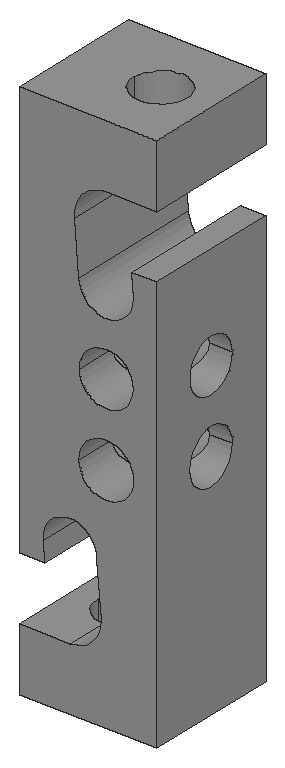
Revit family "Anschlussklemme- AKL 25 Z", category Generic Models, Revit 2017
Family settings
  Can host rebar = No
  Round Connector Dimension = Use Diameter
  Part Type = Normal
  Work Plane-Based = No
  Always vertical = Yes
  Cut with Voids When Loaded = No
  Shared = No
  Room Calculation Point = No
Parameters (values of type "AKL 25 Z")
  URL = "http://www.obo-bettermann.com"
  Material = Brass
  Manufacturer Art.No. = "6049277"
  Manufacturer = "OBO BETTERMANN"
  GTIN = "4012196702732"
  Article Type = "AKL 25 Z"
Reference planes
  plane 1 "Center (Front/Back)": y = 0
  plane 2: z = 0
  plane 3 "Center (Left/Right)": x = 0
  plane 4: z = 60
  plane 5: x = 15
  plane 6: z = 53
  plane 7: z = 46
  plane 8: x = 9.5
  plane 9: z = 49.5
  plane 10: z = 49.5
  plane 11: x = 9.5
  plane 12: z = 43.5
  plane 13: x = 9.5
  plane 14: z = 7
  plane 15: z = 13.98
  plane 16: x = 5.5
  plane 17: z = 16.5
  plane 18: x = 5.5
  plane 19: z = 7
  plane 20: z = 10.5
  plane 21: y = 15
  plane 22: z = 43.5
  plane 23: z = 34.5
  plane 24: z = 25.5
  plane 25: x = 9.5
  plane 26: z = 34.5
  plane 27: z = 25.5
  plane 28: y = 7.5
  plane 29: z = 53
  plane 30: z = 43.5
  plane 31: z = 34.5
  plane 32: z = 25.5
  plane 33: x = 9.5
  plane 34: x = 5.5
  plane 35: y = 7.492
Forms (mm)
  Extrusion 1, solid, material "Brass" <- "Material"
    sketch origin (0, 0, 0) x (1, 0, 0) y (0, 0, 1)
      loop
        line (0, 0) -> (15, 0) -> (15, 46) -> (12.293, 46) -> (12.512, 43.488)
        arc (12.512, 43.488) -> (9.501, 40.477) -> (6.49, 43.488) r 3.011
        line (6.49, 43.488) -> (6.012, 49.209)
        arc (6.012, 49.209) -> (6.924, 51.87) -> (9.5, 53) r 3.5
        line (9.5, 53) -> (15, 53) -> (15, 60) -> (0, 60) -> (0, 13.98) -> (2.748, 13.98) -> (2.557, 16.163)
        arc (2.557, 16.163) -> (5.372, 19.375) -> (8.459, 16.425) r 2.957
        line (8.459, 16.425) -> (8.99, 10.494)
        arc (8.99, 10.494) -> (7.967, 8.024) -> (5.498, 7.001) r 3.492
        line (5.498, 7.001) -> (0, 7.001) -> (0, 0)
    from 0 to -15
  Extrusion 2, void
    sketch origin (0, 0, 0) x (1, 0, 0) y (0, 0, 1)
      loop
        circle (9.5, 34.5) r 2.988
      loop
        circle (9.5, 25.5) r 3.023
    from 0 to -15
  Extrusion 3, void
    sketch origin (0, 0, 0) x (0, 1, 0) y (0, 0, 1)
      loop
        circle (7.5, 25.5) r 3.011
      loop
        circle (7.5, 34.5) r 2.97
    from 0 to 15
  Extrusion 4, void
    sketch origin (0, 0, 0) x (1, 0, 0) y (0, 1, 0)
      loop
        circle (9.498, 7.488) r 2.979
    from 51.256 to 60
  Extrusion 5, void
    sketch origin (0, 0, 0) x (1, 0, 0) y (0, 1, 0)
      loop
        circle (5.5, 7.492) r 2.985
    from 8.892 to 0
Cuts and joins
  Extrusion 2, Extrusion 3, Extrusion 4, Extrusion 5 cuts Extrusion 1
Dimensions and locks
  locked: plane 4 to level at 60
  locked: plane 5 to plane 3 "Center (Left/Right)" at 15
  plane 6 to plane 7 = 7 mm
  plane 6 to plane 12 = 9.5 mm
  locked: plane 17 to plane 14 at 9.5
  locked: Extrusion 1 sketch curve to Extrusion 1 sketch curve at 7
  locked: Extrusion 1 sketch curve to Extrusion 1 sketch curve at 15
  locked: Extrusion 1 sketch curve to Extrusion 1 sketch curve at 60
  locked: Extrusion 1 sketch curve to Extrusion 1 sketch curve at 9.272
  locked: Extrusion 1 sketch curve to Extrusion 1 sketch curve at 7.5
  locked: plane 4 to Extrusion 1 sketch curve at 7
  locked: Extrusion 1 sketch curve to Extrusion 1 sketch curve at 13.98
  locked: plane 4 to Extrusion 1 sketch curve at 19.523
  locked: Extrusion 1 sketch curve to level at 19.378
  locked: Extrusion 1 sketch curve to level at 7.001
  locked: Extrusion 1 sketch curve to Extrusion 1 sketch curve at 8.99  (x2)
  locked: Extrusion 1 sketch curve to Extrusion 1 sketch curve at 9
  locked: Extrusion 1 sketch curve to Extrusion 1 sketch curve at 5.906
  locked: plane 1 "Center (Front/Back)" to plane 21 at 15
  locked: Extrusion 1 to plane 22 at 9.5
  locked: plane 25 to plane 3 "Center (Left/Right)" at 9.5
  locked: plane 25 to Extrusion 2 sketch curve at 0  (x2)
  locked: Extrusion 2 sketch curve to plane 25 at 2.988
  Extrusion 2 sketch curve to plane 25 = 3.023 mm
  locked: cut or joined group of Extrusion 1, Extrusion 2, Extrusion 3, Extrusion 4, Extrusion 5 to plane 29 at 7
  locked: plane 29 to plane 30 at 9.5
  locked: plane 30 to plane 31 at 9
  locked: plane 31 to plane 32 at 9
  locked: plane 28 to Extrusion 3 sketch curve at 2.97
  locked: plane 28 to Extrusion 3 sketch curve at 0  (x2)
  locked: plane 28 to Extrusion 3 sketch curve at 3.011
  locked: plane 33 to Extrusion 4 sketch curve at 2.977
  locked: Extrusion 4 sketch curve to plane 33 at 0.002
  locked: plane 34 to cut or joined group of Extrusion 1, Extrusion 2, Extrusion 3, Extrusion 4, Extrusion 5 at 9.5
  locked: cut or joined group of Extrusion 1, Extrusion 2, Extrusion 3, Extrusion 4, Extrusion 5 to plane 35 at 7.508
  locked: Extrusion 5 sketch curve to plane 34 at 2.985
  locked: plane 34 to Extrusion 5 sketch curve at 0
  aligned and locked: level to plane 2
  aligned and locked: Extrusion 1 to level
  aligned and locked: Extrusion 1 to plane 3 "Center (Left/Right)"
  aligned and locked: plane 21 to Extrusion 1
  aligned and locked: plane 1 "Center (Front/Back)" to Extrusion 2
  aligned and locked: Extrusion 1 to Extrusion 2
  aligned and locked: Extrusion 1 to Extrusion 3  (x2)
  aligned and locked: Extrusion 1 to Extrusion 5
Automatic sketch dimensions
  Extrusion 1 sketch curve to level = 0 mm
  Extrusion 1 sketch curve to plane 3 "Center (Left/Right)" = 0 mm
  Extrusion 1 sketch curve to plane 5 = 0 mm
  Extrusion 1 sketch curve to plane 9 = 0 mm
  Extrusion 1 sketch curve to plane 16 = 0.002 mm
  plane 16 to Extrusion 1 sketch curve = 0.003 mm
  Extrusion 1 sketch curve to plane 17 = 0.075 mm
  plane 8 to Extrusion 1 sketch curve = 0.001 mm
  Extrusion 1 sketch curve to Extrusion 1 sketch curve = 0.22 mm
  Extrusion 2 sketch curve to plane 24 = 0 mm
  Extrusion 2 sketch curve to plane 23 = 0 mm
  plane 32 to Extrusion 3 sketch curve = 0 mm
  plane 31 to Extrusion 3 sketch curve = 0 mm
  Extrusion 4 sketch curve to plane 1 "Center (Front/Back)" = 7.488 mm
  plane 35 to Extrusion 5 sketch curve = 0 mm
